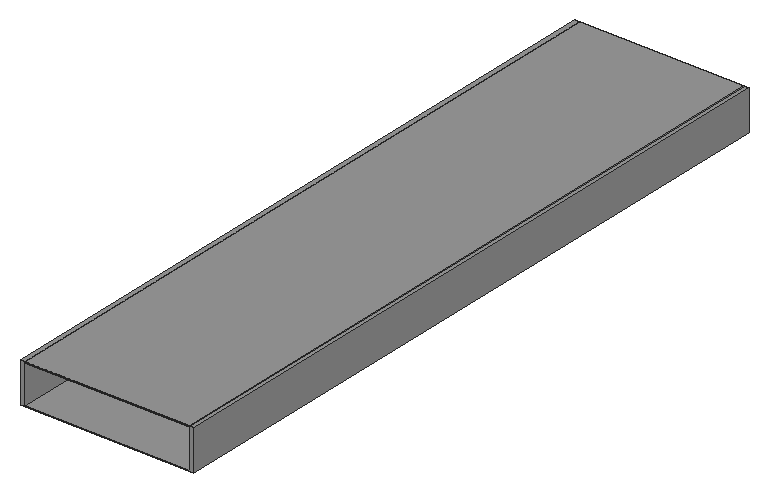
Revit family "OKA-W, Kanaleinheit, blind, Höhe 100-150mm", category Generic Models, Revit 2015
Parameters (values of type "OKA-W60010050")
  Width = 600 mm
  URL = "http://www.obo-bettermann.com"
  Material = Steel, Galvanized
  Manufacturer Art. No. = "7424458"
  Manufacturer = "OBO Bettermann"
  Length [instance] = 2400 mm
  HeightCalc [instance] = if(Height < 100 mm, 100 mm, (if(Height > 150 mm, 150 mm, Height)))  # 140 mm
  Height [instance] = 140 mm
  GTIN = "4012195244325"
  Article Type = "OKA-W60010050"
Types (6, lengths in mm): name | Width | Manufacturer Art. No. | HeightCalc | Height | GTIN | Article Type
  (no name) | 600 | "7424458" | 140 | 140 | "4012195244325" | "OKA-W60010050"
  OKA-W20010050 | 200 | "7424440" | 140 | 140 | "4012195244264" | "OKA-W20010050\r\n\r\nOKA-W20010050\r\n\r\nOKA-W20010050\r\n\r\nOKA-W20010050\r\n\r\nOKA-W20010050\r\n\r\nOKA-W20010050\r\n\r\nOKA-W20010050\r\nOKA-W20010050"
  OKA-W30010050 | 300 | "7424442" | 140 | 140 | "4012195244295\r\n\r\n4012195244295\r\n4012195244295" | "OKA-W30010050"
  OKA-W40010050 | 400 | "7424444" | 110 | 110 | "4012195244301" | "OKA-W40010050"
  OKA-W50010050 | 500 | "7424446" | 140 | 140 | "4012195244318\r\n\r\n4012195244318\r\n\r\n4012195244318\r\n\r\n4012195244318\r\n\r\n4012195244318\r\n\r\n4012195244318\r\n\r\n4012195244318\r\n\r\n4012195244318\r\n\r\n4012195244318\r\n\r\n4012195244318\r\n\r\n4012195244318\r\n\r\n4012195244318\r\n4012195244318" | "OKA-W50010050"
  OKA-W60010050 | 600 | "7424458" | 140 | 140 | "4012195244325" | "OKA-W60010050"
Reference planes
  plane 1 "Center (Front/Back)": y = 0
  plane 2: z = 0
  plane 3 "Center (Left/Right)": x = 0
  plane 4: z = 140
  plane 5: y = -2400
  plane 6: x = 300
  plane 7: x = -300
Forms (mm)
  Extrusion 1, solid, material "Aluminum 6061"
    sketch origin (0, 0, 0) x (1, 0, 0) y (0, 0, 1)
      loop
        line (285, 140) -> (285, 1) -> (-285, 1) -> (-285, 140) -> (-300, 140) -> (-300, 0) -> (300, 0) -> (300, 140) -> (285, 140)
    from 0 to 2400
  Extrusion 2, solid, material "Steel, Galvanized" <- "Material"
    sketch origin (0, 0, 0) x (1, 0, 0) y (0, 0, 1)
      loop
        line (285, 136) -> (285, 140) -> (-285, 140) -> (-285, 136) -> (285, 136)
    from 0 to 2400
Lines and regions (mm)
  model lines
    curve 1: line (-300, 0, 140) -> (-285, 0, 140)
    curve 2: line (-285, 0, 140) -> (-285, 0, 0)
    curve 3: line (-285, 0, 0) -> (-535, 0, 0)
    curve 4: line (-535, 0, 0) -> (-535, 0, 1)
    curve 5: line (-535, 0, 1) -> (-300, 0, 1)
    curve 6: line (-300, 0, 1) -> (-300, 0, 140)
    curve 7: line (285, 0, 140) -> (285, 0, 0)
    curve 8: line (285, 0, 0) -> (535, 0, 0)
    curve 9: line (535, 0, 0) -> (535, 0, 1)
    curve 10: line (535, 0, 1) -> (300, 0, 1)
    curve 11: line (300, 0, 1) -> (300, 0, 140)
    curve 12: line (300, 0, 140) -> (285, 0, 140)
    curve 13: line (285, 0, 140) -> (285, 0, 0)
    curve 14: line (-285, 0, 0) -> (-285, 0, 140)
    curve 15: line (-285, 0, 140) -> (285, 0, 140)
    curve 16: line (-285, 0, 136) -> (285, 0, 136)
Dimensions and locks
  locked: curve 5 to curve 3 at 1
  locked: curve 2 to curve 6 at 15
  locked: curve 10 to curve 8 at 1
  locked: curve 2 to curve 4 at 250
  locked: curve 9 to curve 7 at 250
  locked: curve 11 to curve 7 at 15
  "Length": plane 1 "Center (Front/Back)" to plane 5
  equal spacing: plane 7, plane 3 "Center (Left/Right)", plane 6
  "Width": plane 7 to plane 6
  "HeightCalc": level to plane 4
  locked: curve 16 to curve 15 at 4
  aligned and locked: level to plane 2
  aligned and locked: level to curve 3
  aligned and locked: curve 6 to plane 7
  aligned and locked: curve 11 to plane 6
  aligned and locked: plane 4 to curve 1
  aligned and locked: curve 8 to level
  aligned and locked: Extrusion 1 sketch curve to curve 13
  aligned and locked: Extrusion 1 sketch curve to curve 12
  aligned and locked: Extrusion 1 sketch curve to curve 11
  aligned and locked: Extrusion 1 sketch curve to curve 6
  aligned and locked: curve 14 to Extrusion 1 sketch curve
  aligned and locked: Extrusion 1 sketch curve to curve 1
  aligned and locked: Extrusion 1 to plane 5
  aligned and locked: Extrusion 2 sketch curve to curve 16
  aligned and locked: Extrusion 2 sketch curve to curve 15
  aligned and locked: Extrusion 2 sketch curve to curve 2
  aligned and locked: Extrusion 2 sketch curve to curve 7
  aligned and locked: Extrusion 2 to plane 5
  aligned and locked: curve 5 to Extrusion 1 sketch curve
Automatic sketch dimensions
  Extrusion 1 sketch curve to level = 0 mm
